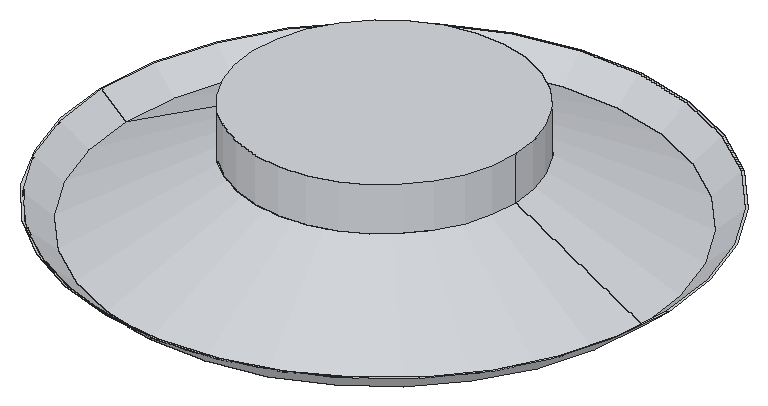
Revit family
Parameters (values of type "CM-1P 06"")
  URL = "http://www.anemostat.com"
  U Dia. = 13"
  Plaque Radius = Plaque / 2  # 4 1/2"
  Plaque = 9"
  P = 1"
  Model = "CM-1P"
  Manufacturer = "Anemostat"
  Duct Radius = Duct / 2  # 3"
  Duct = 6"
  A = 11 13/16"
Types (7): name | URL | U Dia. | Plaque Radius | Plaque | P | Duct Radius | Duct | A
  (no name) | "http://www.anemostat.com" | 13" | 4 1/2" | 9" | 1" | 3" | 6" | 11 13/16"
  CM-1P 06" | "http://www.anemostat.com" | 13" | 4 1/2" | 9" | 1" | 3" | 6" | 11 13/16"
  CM-1P 08" | "http://www.anemostat.com/" | 18" | 6 3/8" | 12 3/4" | 1 1/2" | 4" | 8" | 16 23/32"
  CM-1P 10" | "http://www.anemostat.com/" | 24" | 8 3/8" | 16 3/4" | 2 3/8" | 5" | 10" | 22 3/8"
  CM-1P 12" | "http://www.anemostat.com/" | 24" | 8 3/8" | 16 3/4" | 1 7/8" | 6" | 12" | 22 3/8"
  CM-1P 15" | "http://www.anemostat.com/" | 34" | 12" | 24" | 3 3/8" | 7 1/2" | 15" | 32 3/8"
  CM-1P 18" | "http://www.anemostat.com/" | 34" | 12" | 24" | 2 3/4" | 9" | 18" | 32 3/8"
Reference planes (in)
  plane 1 "Center (Front/Back)": y = 0
  plane 2: z = 0
  plane 3 "Center (Left/Right)": x = 0
  plane 4: z = -0.5
  plane 5: x = -6.5
  plane 6: x = 6.5
  plane 7: x = -5.90625
  plane 8: x = 5.90625
  plane 9: x = -3
  plane 10: x = 3
  plane 11 "Top": z = 1
  plane 12: z = 0.969
  plane 13 "Plaque": z = -0.625
Forms (in)
  Revolve 1, solid
    sketch origin (0, 0, 0) x (1, 0, 0) y (0, 0, 1)
      loop
        line (6.5, 0) -> (6.46319, 0) -> (5.90625, -0.469) -> (3, 1) -> (0, 1) -> (0, 0.969) -> (3, 0.969) -> (5.90625, -0.5) -> (6.5, 0)
      axis (0, 1) -> (0, -0.5)
    angle from 0 to 360
  Extrusion 2, solid
    sketch origin (0, 0, 1) x (-1, 0, 0) y (0, -1, 0)
      loop
        circle (0, 0) r 3
    from 0 to 1
  Extrusion 3, solid
    sketch origin (0, 0, -0.625) x (-1, 0, 0) y (0, -1, 0)
      loop
        circle (0, 0) r 4.5
    from 0 to 0.0625
Dimensions and locks (in)
  equal spacing: plane 6, plane 3 "Center (Left/Right)", plane 5
  "U Dia.": plane 6 to plane 5
  equal spacing: plane 10, plane 3 "Center (Left/Right)", plane 9
  "Duct": plane 10 to plane 9
  "P": plane 11 "Top" to level
  equal spacing: plane 8, plane 3 "Center (Left/Right)", plane 7
  "A": plane 8 to plane 7
  locked: plane 11 "Top" to plane 12 at 0.031
  "Duct Radius": radius of Extrusion 2 sketch curve
  "Plaque Radius": radius of Extrusion 3 sketch curve
Automatic sketch dimensions
  Revolve 1 sketch curve to plane 3 "Center (Left/Right)" = 0"  (x2)
  Revolve 1 sketch curve to plane 10 = 0"  (x2)
  Revolve 1 sketch curve to plane 8 = 0"  (x2)
  Revolve 1 sketch curve to plane 4 = 0"
  Revolve 1 sketch curve to level = 0"
  Revolve 1 sketch curve to plane 6 = 0"
  Revolve 1 sketch curve to plane 12 = 0"
  Revolve 1 sketch curve to plane 11 "Top" = 0"
  Revolve 1 sketch curve to plane 6 = 0.03681"
  Revolve 1 sketch curve to plane 4 = 2"
  Revolve 1 sketch curve to Revolve 1 sketch curve = 0.031"
  Revolve 1 sketch curve to Revolve 1 sketch curve = 2 3/4"
  plane 1 "Center (Front/Back)" to Extrusion 2 sketch curve = 0"
  Extrusion 2 sketch curve to plane 3 "Center (Left/Right)" = 0"
  plane 1 "Center (Front/Back)" to Extrusion 3 sketch curve = 0"
  Extrusion 3 sketch curve to plane 3 "Center (Left/Right)" = 0"
Connectors (in)
  hvac at (0, 0, 2), driven by "Duct Radius"
    settings: on Extrusion 2, index 1
